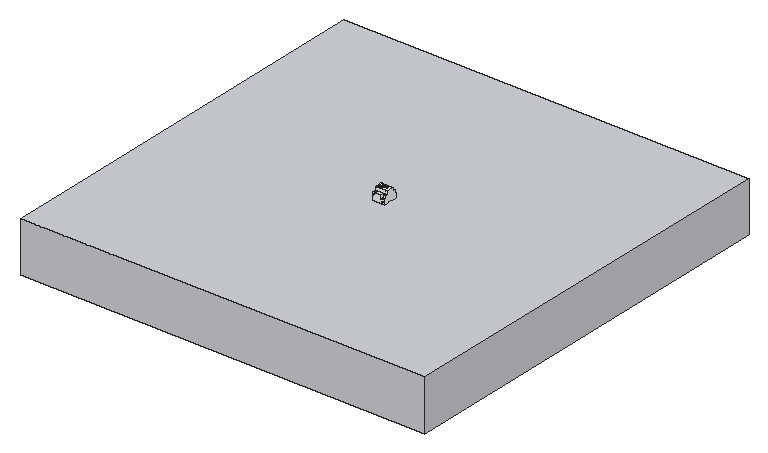
Revit family "Gira_104500", category Elektroinstallationen, Revit 2017
Family settings
  Basisbauteil = Fläche
  Beschriftungsausrichtung beibehalten = Nein
  Bemaßung runder Anschluss = Durchmesser verwenden
  Teiletyp = Normal
  Beim Laden mit Abzugskörper schneiden = Nein
  Gemeinsam genutzt = Nein
  Raumberechnungspunkt = Nein
Parameters (values of type "Schaltaktor 4f 16 A Hand + Strom C-Last KNX REG")
  Zusammenstellung = ""
  Zulassung nach PTB = no
  Default Elevation = 1219.2 mm
  Vor Ort-/Handbedienung = yes
  Verschiedene Phasen anschließbar = no
  Ventilschutzfunktion = no
  URL = "https://www.gira.de/"
  Typname = "Schaltaktor 4f 16 A Hand + Strom C-Last KNX REG"
  Type Comments = ""
  Tarifumschaltung = no
  Stromart = ""
  Stellgröße stetig = no
  Stellgröße schaltend = no
  Schutzart (IP) = ""
  Schaltstrom ohmsch = 0 A
  S0 Impulsschnittstelle = ""
  Produktseite = "https://media.stage.bim.site/t/eyJhbGciOiJIUzI1NiIsInR5cCI6IkpXVCJ9.eyJjdCI6MiwidHUiOiJodHRwOi8va2F0YWxvZy5naXJhLmRlL2RlX0RFL2RhdGVuYmxhdHQuaHRtbD9hcnRpa2VsbnI9MTA0NTAwIiwiY2lkIjoiMzI3N2NjMjMtODFhOS00ZWUzLWE5MGEtYjQ3YmI0YzBiNjE2IiwicmlkIjoiODg0NmE1ODdhM2FlZGZiYWEzMjA5NTk3M2MxMWMxOTIiLCJwaWQiOiIwZmM3ZTBkMjM2MjU0ZjI4ZjE2MzUyNzNkZTFlNTdmYmI4MDNmNWZjIiwic2lkIjoiNjM0NzAiLCJ1dCI6MSwibGMiOiJkZSIsImlhdCI6MTYwMDkzNzU2OSwiaXNzIjoiaHR0cHM6Ly9hcGkubGl2ZS5iaW0uc2l0ZSIsInN1YiI6ImFkbWluQGJpbXNpdGUuZGV2In0.al2hu2xWKwIG-lFiIHNywxXNXPdz3pIE-CNiSwYDI1s"
  Montageart = "REG"
  Modulare Erweiterungsmöglichkeit = no
  Model = ""
  Mit LED-Anzeige = no
  Mit Busankopplung = yes
  Max. Schaltstrom = 0 A
  Max. Schaltleistung [Voltampere] = 0
  Max. Ausgangsstrom = 0 A
  Max. Anzahl der Schaltausgänge = 4
  Max. Anzahl der Jalousieausgänge = 0
  LED ansteuern = no
  Kosten = 0
  Hersteller = "Gira"
  HeinzeBIM = "https://www.heinze.de/bim/schaltaktor-4f-16-a-hand-strom-c-last-knx-reg/0fc7e0d236254f28f1635273de1e57fbb803f5fc"
  Handschaltung = no
  HAN = "104500"
  Geeignet für C-Last = yes
  GTIN = "4010337042266"
  Funktion Schalten = no
  Datenblatt 1 = "https://media.stage.bim.site/t/eyJhbGciOiJIUzI1NiIsInR5cCI6IkpXVCJ9.eyJjdCI6MSwidGYiOiJwdWJsaWMvZ2lyYS9hZThjNTU3LzEwNDUwMC50eHQiLCJjaWQiOiIzMjc3Y2MyMy04MWE5LTRlZTMtYTkwYS1iNDdiYjRjMGI2MTYiLCJyaWQiOiI4ODQ2YTU4N2EzYWVkZmJhYTMyMDk1OTczYzExYzE5MiIsInBpZCI6IjBmYzdlMGQyMzYyNTRmMjhmMTYzNTI3M2RlMWU1N2ZiYjgwM2Y1ZmMiLCJzaWQiOiI2MzQ3MCIsInV0IjoxLCJsYyI6ImRlIiwiaWF0IjoxNjAwOTM3NTY5LCJpc3MiOiJodHRwczovL2FwaS5saXZlLmJpbS5zaXRlIiwic3ViIjoiYWRtaW5AYmltc2l0ZS5kZXYifQ.RFR4deuVVdvWU2GaahxuLtOc1VTcBgBwSUNY7Si65AY/104500.txt"
  Datenblatt = "https://media.stage.bim.site/t/eyJhbGciOiJIUzI1NiIsInR5cCI6IkpXVCJ9.eyJjdCI6MSwidHUiOiJodHRwczovL2thdGFsb2cuZ2lyYS5kZS9kZV9ERS9kb3dubG9hZC5odG1sP2FydGlrZWxucj0xMDQ1MDAiLCJjaWQiOiIzMjc3Y2MyMy04MWE5LTRlZTMtYTkwYS1iNDdiYjRjMGI2MTYiLCJyaWQiOiI4ODQ2YTU4N2EzYWVkZmJhYTMyMDk1OTczYzExYzE5MiIsInBpZCI6IjBmYzdlMGQyMzYyNTRmMjhmMTYzNTI3M2RlMWU1N2ZiYjgwM2Y1ZmMiLCJzaWQiOiI2MzQ3MCIsInV0IjoxLCJsYyI6ImRlIiwiaWF0IjoxNjAwOTM3NTY5LCJpc3MiOiJodHRwczovL2FwaS5saXZlLmJpbS5zaXRlIiwic3ViIjoiYWRtaW5AYmltc2l0ZS5kZXYifQ.O5fRhpu8wySRQDqIhISLQREDoyYnXajy94xp3BuRQcw"
  Bussystem Powernet = no
  Bussystem LON = no
  Bussystem KNX-Funk = no
  Bussystem KNX = yes
  Bussystem Funkbus = no
  Busspannung pufferbar = no
  Busfähig = ""
  Breite in Teilungseinheiten = 4
  Blindleistung = no
  Beschreibung = "KNX Schaltaktor 4fach 16 A mit Handbetätigung und Strommessung für C-Lasten  REG plus REG-Schaltaktoren mit integrierter Busankopplung. Zum Schalten von unabhängig ansteuerbaren Lastgruppen. Mit Handschalter zur Umschaltung des Relais (Ein Aus) parallel bzw. ohne KNX Betrieb. Anschluss mehrphasig. Keine zusätzliche Spannungsversorgung erforderlich.  Merkmale:  Handbetätigung der Relais unabhängig vom Bus bzw. der Schaltstellungsanzeige.  Schließer- oder Öffnerbetrieb.  Zentrale Schaltfunktion.  Sammelrückmeldung zur Reduzierung der Buslast.  Aktive oder passive (Objekt auslesbar) zyklische Rückmeldefunktion.  Rückmeldungen lassen sich nach Busspannungswiederkehr verzögern.  Logische Verknüpfungsfunktion für jeden Ausgang.  Sperrfunktion für jeden Kanal parametrierbar. Alternativ Zwangsstellungsfunktion für jeden Ausgang.  Zeitfunktionen (Ein- bzw. Ausschaltverzögerung, Treppenlichtfunktion - auch mit Vorwarnfunktion).  Einbeziehung in Lichtszenen möglich, max. acht interne Szenen je Kanal sind parametrierbar.  Speicherfunktion für Lichtszenen.  Betriebsstundenzähler als Vorwärts- Rückwärtszähler mit Grenzwertfunktion (Grenzwert über Bus veränderbar) für jeden Ausgang aktivierbar.  Eingangsüberwachung auf zyklische Aktualisierung mit Sicherheitsstellung.  Reaktionen bei Busspannungsausfall und -wiederkehr und nach einem ETS-Programmiervorgang für jeden Kanal einstellbar.  Die Schaltkontakte des Schaltaktor 4fach C-Last sind speziell für Lasten mit kapazitivem Charakter und dadurch bedingten kurzzeitigen hohen Einschaltströmen ausgelegt (siehe technische Daten).  Der Schaltaktor besitzt eine integrierte Stromerkennung.  Für jeden Kanal kann eine Strommessung erfolgen.  Unabhängiges Schalten der vier Ausgänge.  Stromerkennung: Messung des Laststroms für jeden Kanal.  Schwellwerte zur Lastüberwachung (z. B. Meldung Lastausfall).  Hinweise :  Montage auf DIN-Hutschiene.  VDE-Zulassung gemäß EN 60669-1, EN 60669-2-1."
  Bemessungsstrom = 16 A
  Assembly Code = ""
  Keynote = ""
  BIMSITE_PRODUCT_ID = "0fc7e0d236254f28f1635273de1e57fbb803f5fc"
  BIM = "https://media.stage.bim.site/t/eyJhbGciOiJIUzI1NiIsInR5cCI6IkpXVCJ9.eyJjdCI6MSwidGYiOiJwdWJsaWMvZ2lyYS9hZThjNTU3L1JFRyA4Zi5yZmEiLCJjaWQiOiIzMjc3Y2MyMy04MWE5LTRlZTMtYTkwYS1iNDdiYjRjMGI2MTYiLCJyaWQiOiI4ODQ2YTU4N2EzYWVkZmJhYTMyMDk1OTczYzExYzE5MiIsInBpZCI6IjBmYzdlMGQyMzYyNTRmMjhmMTYzNTI3M2RlMWU1N2ZiYjgwM2Y1ZmMiLCJzaWQiOiI2MzQ3MCIsInV0Ijo1LCJsYyI6ImRlIiwiaWF0IjoxNjAwOTM3NTY5LCJpc3MiOiJodHRwczovL2FwaS5saXZlLmJpbS5zaXRlIiwic3ViIjoiYWRtaW5AYmltc2l0ZS5kZXYifQ.NQFFwNH-EHT2asjp8rMxqDe473gZXMBVTlqSkx5O49c/REG 8f.rfa"
  Ausgangsstrom [Ampere] = ""
  Ausgangsspannung [Volt] = ""
  Ausführung Text = ""
  Art der Spannungsversorgung = ""
  Anzahl der binären Eingänge = 0
  Anzahl der Eingänge = 0
  Anzahl der Ausgänge = 0
  Anschlussart = ""
  Andere Bussysteme = "ohne"
Reference planes
  plane 1 "Center (Front/Back)": y = 0
  plane 2: z = 0
  plane 3 "Center (Left/Right)": x = 0
Forms (mm)
  Extrusion 1, solid
    sketch origin (0, 0, 0) x (1, 0, 0) y (0, 1, 0)
      loop
        line (-1219.2, 1219.2) -> (-1219.2, -1219.2) -> (1219.2, -1219.2) -> (1219.2, 1219.2) -> (-1219.2, 1219.2)
    from 0 to -304.8
  Extrusion 2, solid, material "White", detail levels fine
    sketch origin (0, 0, 0) x (0, 1, 0) y (0, 0, 1)
      loop
        line (45.125, -2.619) -> (45.125, 24.95) -> (33.875, 24.95) -> (33.875, 43.8) -> (22.575, 43.8) -> (22.575, 62.05)
        arc (22.575, 62.05) -> (22.311, 62.686) -> (21.675, 62.95) r 0.9
        line (21.675, 62.95) -> (-21.175, 62.95)
        arc (-21.175, 62.95) -> (-21.785, 62.758) -> (-22.175, 62.25) r 1.064
        line (-22.175, 62.25) -> (-22.175, 43.8) -> (-44.725, 43.8) -> (-44.725, -2.619)
        arc (-44.725, -2.619) -> (-31.081, -5.433) -> (-17.243, -7.049) r 160
        line (-17.243, -7.049) -> (-13.165, -1.734) -> (-16.399, -0.807) -> (-16.399, 0) -> (17.8, 0) -> (17.8, -1.4) -> (16.8, -1.4) -> (14.749, -4.952)
        arc (14.749, -4.952) -> (18.64, -6.184) -> (22.7, -6.6) r 20
        arc (22.7, -6.6) -> (33.983, -5.009) -> (45.125, -2.619) r 160
    from -36 to 36
  Extrusion 3, void, detail levels fine
    sketch origin (0, 0, 0) x (1, 0, 0) y (0, 1, 0)
      loop
        circle (30, 26.925) r 2.55
      loop
        circle (21.75, 26.925) r 2.55
      loop
        circle (12.75, 26.925) r 2.55
      loop
        circle (4.5, 26.925) r 2.55
      loop
        circle (-4.5, 26.925) r 2.55
      loop
        circle (-12.75, 26.925) r 2.55
      loop
        circle (-21.75, 26.925) r 2.55
      loop
        circle (-30, 26.925) r 2.55
    from 37.936 to 43.8
  Extrusion 4, void, detail levels fine
    sketch origin (0, 11.25, -18.85) x (1, 0, 0) y (0, 1, 0)
      loop
        circle (30, 26.925) r 2.55
      loop
        circle (21.75, 26.925) r 2.55
      loop
        circle (12.75, 26.925) r 2.55
      loop
        circle (4.5, 26.925) r 2.55
      loop
        circle (-4.5, 26.925) r 2.55
      loop
        circle (-12.75, 26.925) r 2.55
      loop
        circle (-21.75, 26.925) r 2.55
      loop
        circle (-30, 26.925) r 2.55
    from 37.936 to 43.8
  Extrusion 5, void, detail levels fine
    sketch origin (0, 0, 0) x (1, 0, 0) y (0, 1, 0)
      loop
        circle (-13, -3.875) r 3
      loop
        circle (-23, -3.875) r 3
      loop
        circle (-23, -13.875) r 3
      loop
        circle (-13, -13.875) r 3
      loop
        circle (-29, -3.875) r 1.575
      loop
        circle (-29, -13.875) r 1.575
      loop
        circle (-7, -13.875) r 1.575
      loop
        circle (-15.4, 5.325) r 1.625
      loop
        circle (-11, 5.325) r 1.575
      loop
        circle (-6.6, 5.325) r 1.625
      loop
        circle (-2.2, 5.325) r 1.625
      loop
        circle (2.2, 5.325) r 1.625
      loop
        circle (6.6, 5.325) r 1.625
      loop
        circle (11, 5.325) r 1.575
      loop
        circle (15.4, 5.325) r 1.625
    from 58.253 to 62.95
  Extrusion 6, void, detail levels fine
    sketch origin (0, 0, 0) x (1, 0, 0) y (0, 1, 0)
      loop
        line (-32.175, -32.6) -> (-32.175, -34.9) -> (-31.24, -34.36) -> (-31.401, -37.165) -> (-32.175, -36.7) -> (-32.175, -44.875) -> (-20.175, -44.875) -> (-20.175, -37.33) -> (-19.075, -37.965) -> (-19.075, -33.635) -> (-20.175, -34.27) -> (-20.175, -32.6) -> (-32.175, -32.6)
    from 28.5 to 43.8
  Extrusion 7, solid, detail levels fine
    sketch origin (0, 0, 0) x (1, 0, 0) y (0, 1, 0)
      loop
        circle (-29.375, -36.2) r 0.5
      loop
        circle (-23.575, -36.2) r 0.5
    from 28.5 to 37.5
  Extrusion 8, void, detail levels fine
    sketch origin (0, 0, 0) x (1, 0, 0) y (0, 1, 0)
      loop
        line (15.289, -31.489) -> (15.289, -44.875) -> (36, -44.875) -> (36, -31.489) -> (15.289, -31.489)
    from 25 to 43.8
  Extrusion 9, void, detail levels fine
    sketch origin (0, 0, 0) x (1, 0, 0) y (0, 1, 0)
      loop
        circle (21.75, -37.925) r 2.55
      loop
        circle (30, -37.925) r 2.55
    from 19.086 to 24.95
  Extrusion 10, void, detail levels fine
    sketch origin (0, 0, 0) x (1, 0, 0) y (0, 0, 1)
      loop
        line (32.368, 26.75) -> (32.35, 28.865) -> (32.319, 32.45) -> (27.731, 32.45) -> (27.682, 26.75) -> (32.368, 26.75)
      loop
        line (24.118, 26.75) -> (24.1, 28.865) -> (24.069, 32.45) -> (19.481, 32.45) -> (19.432, 26.75) -> (24.118, 26.75)
      loop
        line (15.118, 26.75) -> (15.1, 28.865) -> (15.069, 32.45) -> (10.481, 32.45) -> (10.432, 26.75) -> (15.118, 26.75)
      loop
        line (6.868, 26.75) -> (6.85, 28.865) -> (6.819, 32.45) -> (2.231, 32.45) -> (2.182, 26.75) -> (6.868, 26.75)
      loop
        line (-2.182, 26.75) -> (-2.2, 28.865) -> (-2.231, 32.45) -> (-6.819, 32.45) -> (-6.868, 26.75) -> (-2.182, 26.75)
      loop
        line (-10.432, 26.75) -> (-10.45, 28.865) -> (-10.481, 32.45) -> (-15.069, 32.45) -> (-15.118, 26.75) -> (-10.432, 26.75)
      loop
        line (-19.35, 26.75) -> (-19.369, 28.865) -> (-19.4, 32.45) -> (-23.987, 32.45) -> (-24.037, 26.75) -> (-19.35, 26.75)
      loop
        line (-27.682, 26.75) -> (-27.7, 28.865) -> (-27.731, 32.45) -> (-32.319, 32.45) -> (-32.368, 26.75) -> (-27.682, 26.75)
    from -29.206 to -33.875
  Extrusion 11, void, detail levels fine
    sketch origin (0, 11.25, -19.567) x (1, 0, 0) y (0, 0, 1)
      loop
        line (32.368, 26.75) -> (32.35, 28.865) -> (32.319, 32.45) -> (27.731, 32.45) -> (27.682, 26.75) -> (32.368, 26.75)
      loop
        line (24.118, 26.75) -> (24.1, 28.865) -> (24.069, 32.45) -> (19.481, 32.45) -> (19.432, 26.75) -> (24.118, 26.75)
      loop
        line (15.118, 26.75) -> (15.1, 28.865) -> (15.069, 32.45) -> (10.481, 32.45) -> (10.432, 26.75) -> (15.118, 26.75)
      loop
        line (6.868, 26.75) -> (6.85, 28.865) -> (6.819, 32.45) -> (2.231, 32.45) -> (2.182, 26.75) -> (6.868, 26.75)
      loop
        line (-2.182, 26.75) -> (-2.2, 28.865) -> (-2.231, 32.45) -> (-6.819, 32.45) -> (-6.868, 26.75) -> (-2.182, 26.75)
      loop
        line (-10.432, 26.75) -> (-10.45, 28.865) -> (-10.481, 32.45) -> (-15.069, 32.45) -> (-15.118, 26.75) -> (-10.432, 26.75)
      loop
        line (-19.35, 26.75) -> (-19.369, 28.865) -> (-19.4, 32.45) -> (-23.987, 32.45) -> (-24.037, 26.75) -> (-19.35, 26.75)
      loop
        line (-27.682, 26.75) -> (-27.7, 28.865) -> (-27.731, 32.45) -> (-32.319, 32.45) -> (-32.368, 26.75) -> (-27.682, 26.75)
    from -29.206 to -33.875
  Extrusion 12, void, detail levels fine
    sketch origin (0, 0, 0) x (1, 0, 0) y (0, 0, 1)
      loop
        line (32.319, 12.883) -> (27.731, 12.883) -> (27.682, 7.183) -> (32.368, 7.183) -> (32.35, 9.298) -> (32.319, 12.883)
      loop
        line (24.069, 12.883) -> (19.481, 12.883) -> (19.432, 7.183) -> (24.118, 7.183) -> (24.1, 9.298) -> (24.069, 12.883)
    from 40.588 to 44.725
  Extrusion 13, solid, material "White", detail levels fine
    sketch origin (0, 0, 0) x (1, 0, 0) y (0, 1, 0)
      loop
        circle (-15.4, 5.325) r 1.625
      loop
        circle (-11, 5.325) r 1.575
      loop
        circle (-6.6, 5.325) r 1.625
      loop
        circle (-2.2, 5.325) r 1.625
      loop
        circle (2.2, 5.325) r 1.625
      loop
        circle (6.6, 5.325) r 1.625
      loop
        circle (11, 5.325) r 1.575
      loop
        circle (15.4, 5.325) r 1.625
      loop
        circle (-29, -3.875) r 1.575
      loop
        circle (-29, -13.875) r 1.575
      loop
        circle (-7, -13.875) r 1.575
    from 58.253 to 62.25
  Extrusion 14, solid, material "White", detail levels fine
    sketch origin (0, 0, 0) x (1, 0, 0) y (0, 1, 0)
      loop
        circle (-23, -3.875) r 3
      loop
        circle (-13, -3.875) r 3
      loop
        circle (-23, -13.875) r 3
      loop
        circle (-13, -13.875) r 3
    from 58.253 to 63.841
  Extrusion 15, solid, material "White", detail levels medium
    sketch origin (0, 0, 0) x (0, 1, 0) y (0, 0, 1)
      loop
        line (45.125, -7.049) -> (45.125, 24.95) -> (33.875, 24.95) -> (33.875, 43.8) -> (22.575, 43.8) -> (22.575, 63.841) -> (-22.175, 63.841) -> (-22.175, 43.8) -> (-44.725, 43.8) -> (-44.725, -7.049) -> (45.125, -7.049)
    from -36 to 36
  Extrusion 16, solid, material "White", detail levels coarse
    sketch origin (0, 0, 0) x (0, 1, 0) y (0, 0, 1)
      loop
        line (45.125, -7.049) -> (45.125, 63.841) -> (-44.725, 63.841) -> (-44.725, -7.049) -> (45.125, -7.049)
    from -36 to 36
Cuts and joins
  Extrusion 3, Extrusion 4, Extrusion 5, Extrusion 6, Extrusion 8, Extrusion 9, Extrusion 10, Extrusion 11, Extrusion 12 cuts Extrusion 2
Dimensions and locks
  aligned and locked: plane 2 to Extrusion 1
  aligned and locked: level to Extrusion 1
